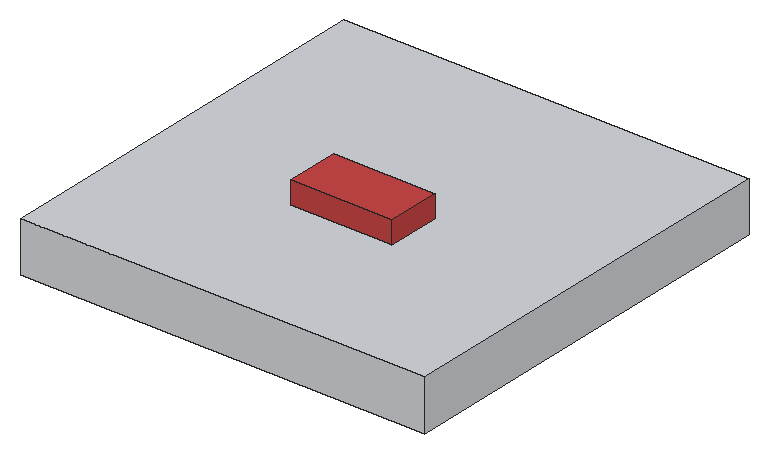
Revit family "BB-6F.BIM", category Electrical Equipment, host Face, Revit 2020
Family settings
  Host = Face
  Round Connector Dimension = Use Diameter
  Part Type = Other Panel
  OmniClass Number = 23.85.30.21.11
  OmniClass Title = Fire Detection, Monitoring and Alarm
  Cut with Voids When Loaded = No
  Shared = Yes
  Room Calculation Point = No
Parameters (values of type "Red")
  Width = 2' - 0"
  Weight = 0.00 lbf
  URL = "www.Fire-Lite.com"
  Type Comments = ""
  Model = "BB-6F"
  Manufacturer = "Fire-Lite"  # constant formula
  Length = 1' - 0 161/256"
  Height = 0' - 5 7/32"
  Haz = ""
  Cabinet Finish = Plastic_Fike_Panel-Red
  Description = "Multi Module Cabinet-6 Max"
  Default Elevation = 2' - 0"
  Assembly Code = "D5030700"
Reference planes (in)
  plane 1 "Center (Front/Back)": y = 0
  plane 2: z = 0
  plane 3 "Center (Left/Right)": x = 0
  plane 4 "Ann Panel": z = 4.34019
Forms (in)
  Extrusion 1, solid
    sketch origin (0, 0, 0) x (1, 0, 0) y (0, 1, 0)
      loop
        line (-48, 48) -> (-48, -48) -> (48, -48) -> (48, 48) -> (-48, 48)
    from 0 to -12
  Extrusion 2, solid, material "Plastic_Fike_Panel-Red"
    sketch origin (6.7204, -16.39419, 0) x (1, 0, 0) y (0, 1, 0)
      loop
        line (-18.7204, 16.39419) -> (-18.7204, 3.76419) -> (5.2796, 3.76419) -> (5.2796, 16.39419) -> (-18.7204, 16.39419)
    from 0 to 5.21875
Lines and regions (in)
  Masking region 1
    outline origin (0, 0, 0) x (1, 0, 0) y (0, 0, 1)
      loop
        line (-12, 5.21875) -> (-12, 0) -> (12, 0) -> (12, 5.21875) -> (-12, 5.21875)
  Masking region 2
    outline origin (0, 0, 0) x (0, 1, 0) y (0, 0, 1)
      loop
        line (-12.63, 5.21875) -> (-12.63, 0) -> (0, 0) -> (0, 5.21875) -> (-12.63, 5.21875)
  Masking region 3
    outline origin (-4, 0, 0) x (1, 0, 0) y (0, 1, 0)
      loop
        line (-8, -12.63) -> (16, -12.63) -> (16, 0) -> (-8, 0) -> (-8, -12.63)
  symbolic lines, detail levels fine
    curve 1: line (-12, 0, 5.21875) -> (12, 0, 5.21875)
    curve 2: line (-12, 0, 0) -> (-12, 0, 5.21875)
    curve 3: line (12, 0, 0) -> (-12, 0, 0)
    curve 4: line (12, 0, 5.21875) -> (12, 0, 0)
    curve 5: line (0, 0, 5.21875) -> (0, -12.63, 5.21875)
    curve 6: line (0, 0, 0) -> (0, 0, 5.21875)
    curve 7: line (0, -12.63, 0) -> (0, 0, 0)
    curve 8: line (0, -12.63, 5.21875) -> (0, -12.63, 0)
    curve 9: line (-12, -12.63, 0) -> (12, -12.63, 0)
    curve 10: line (-12, 0, 0) -> (-12, -12.63, 0)
    curve 11: line (12, 0, 0) -> (-12, 0, 0)
    curve 12: line (12, -12.63, 0) -> (12, 0, 0)
    curve 13: line (-12, 0, 3.96875) -> (12, 0, 3.96875)
  symbolic lines, not visible, detail levels fine
    curve 14: line (0, -12.63, 3.96875) -> (0, 0, 3.96875)
Dimensions and locks (in)
  aligned and locked: plane 2 to Extrusion 1
  aligned and locked: level to Extrusion 1
